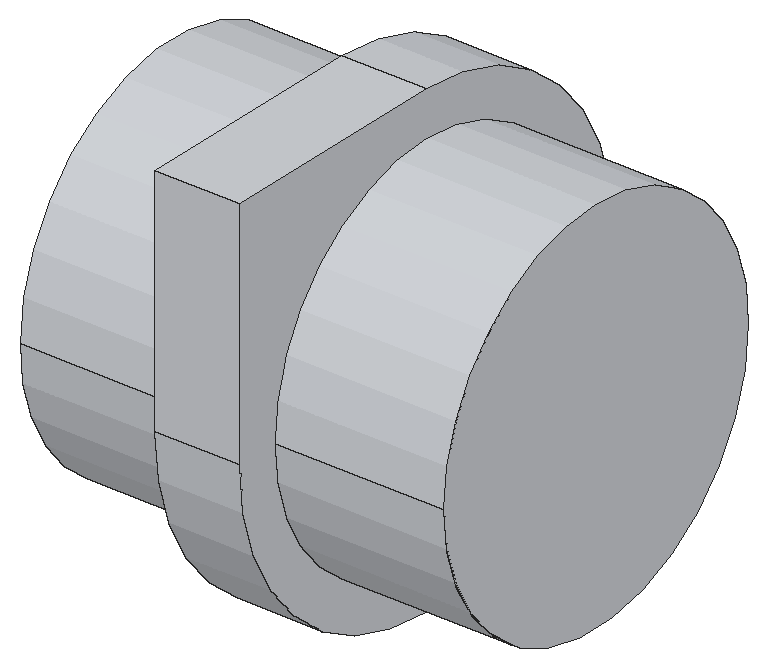
Revit family "União - Soldada - CU", category Conexões de tubo, Revit 2019
Family settings
  Cota do conector redondo = Usar raio
  Tipo de parte = União
  Com base no plano de trabalho = Não
  Sempre na vertical = Sim
  Corte com vazios quando carregada = Não
  Compartilhado = Não
Parameters (values of type "Padrão")
  Espessura da parede [instance] = size_lookup(Nome da tabela de pesquisa, "WThk", 0.01 * Diâmetro nominal + 0.4 mm, Diâmetro nominal)  # 1.15 mm
  Tamanho da marca de revisão [instance] = Diâmetro externo do soquete * 0.4  # 27.32 mm
  Raio externo do soquete [instance] = Diâmetro externo do soquete / 2  # 34.15 mm
  Diâmetro externo do soquete [instance] = Diâmetro nominal + 2 * Espessura da parede  # 68.3 mm
  Raio nominal [instance] = 33 mm
  Diâmetro nominal [instance] = Raio nominal * 2  # 66 mm
  Método de perda = Coeficiente K da tabela
  Nome da tabela de pesquisa = "BR_Union - Soldered - CU"
  Comprimento 2 [instance] = Comprimento / 10  # 7.6 mm
  Comprimento 1 [instance] = size_lookup(Nome da tabela de pesquisa, "Lgt1", 0.59 * Diâmetro nominal + 2.8 mm, Diâmetro nominal)  # 42 mm
  Comprimento [instance] = size_lookup(Nome da tabela de pesquisa, "Lgt", 0.068 * Diâmetro nominal + 29 mm, Diâmetro nominal)  # 76 mm
  Tabela de coeficiente K = "Redutor/Acoplamento/União/Redutor"
Reference planes
  plane 1 "Centro (frente/trás)": y = 0
  plane 2: z = 0
  plane 3 "Centro (direita/esquerda)": x = 0
  plane 4: x = -38
  plane 5: x = 38
  plane 6: y = 34.15
  plane 7: y = -34.15
  plane 8: y = 27.32
  plane 9: y = -27.32
  plane 10: x = -7.6
  plane 11: x = 7.6
  plane 12: y = 42
  plane 13: y = -42
  plane 14: z = 42
  plane 15: z = -42
Forms (mm)
  Sweep 1, solid, detail levels fine
    path in 3D
      loop
        line (-38, 0, 0) -> (38, 0, 0)
    profile origin (0, 0, 0) x (0, 1, 0) y (0, 0, 1)
      loop
        circle (0, 0) r 34.15
  Extrusion 2, solid, detail levels fine
    sketch origin (0, 0, 0) x (0, 1, 0) y (0, 0, 1)
      loop
        line (0, 42) -> (-42, 42) -> (-42, 0)
        arc (-42, 0) -> (-29.698, -29.698) -> (0, -42) r 42
        line (0, -42) -> (42, -42) -> (42, 0)
        arc (42, 0) -> (29.698, 29.698) -> (0, 42) r 42
    from -7.6 to 7.6
Cuts and joins
  joined: Sweep 1, Extrusion 2
Lines and regions (mm)
  model lines, detail levels coarse+medium
    curve 1: line (-38, 0, 0) -> (38, 0, 0)
    curve 3: line (-38, 27.32, 0) -> (-38, -27.32, 0)
    curve 4: line (38, 27.32, 0) -> (38, -27.32, 0)
  sketch lines
    curve 2: line (-38, 0, 0) -> (38, 0, 0)
Dimensions and locks
  equal spacing: plane 4, plane 3 "Centro (direita/esquerda)", plane 5
  "Comprimento": plane 4 to plane 5
  equal spacing: plane 6, plane 1 "Centro (frente/trás)", plane 7
  "Diâmetro externo do soquete": plane 6 to plane 7
  "Tamanho da marca de revisão": plane 8 to plane 1 "Centro (frente/trás)"
  equal spacing: plane 8, plane 1 "Centro (frente/trás)", plane 9
  equal spacing: plane 10, plane 3 "Centro (direita/esquerda)", plane 11
  "Comprimento 2": plane 10 to plane 3 "Centro (direita/esquerda)"
  equal spacing: plane 13, plane 1 "Centro (frente/trás)", plane 12
  "Comprimento 1": plane 1 "Centro (frente/trás)" to plane 12
  equal spacing: plane 14, plane 2, plane 15
  "Comprimento 1": plane 14 to plane 2
  "Raio externo do soquete": radius of Sweep 1 sketch curve
  aligned and locked: plane 4 to curve 1
  aligned and locked: plane 1 "Centro (frente/trás)" to curve 1
  aligned and locked: plane 8 to curve 3
  aligned and locked: curve 3 to plane 9
  aligned and locked: curve 3 to plane 4
  aligned and locked: plane 8 to curve 4
  aligned and locked: plane 9 to curve 4
  aligned and locked: curve 4 to plane 5
  aligned and locked: plane 1 "Centro (frente/trás)" to Extrusion 2 sketch curve  (x2)
  aligned and locked: plane 2 to Extrusion 2 sketch curve  (x2)
  aligned and locked: plane 14 to Extrusion 2 sketch curve
  aligned and locked: plane 13 to Extrusion 2 sketch curve
  aligned and locked: plane 15 to Extrusion 2 sketch curve
  aligned and locked: plane 12 to Extrusion 2 sketch curve
  aligned and locked: Extrusion 2 to plane 10
  aligned and locked: Extrusion 2 to plane 11
Automatic sketch dimensions
  Sweep 1 sketch curve to profile plane = 0 mm  (x2)
Connectors
  piping at (-38, 0, 0), diameter 66, driven by "Raio nominal"
    settings: on Sweep 1, index 1, connector inside diameter 66 mm, connector length 0 mm, flow factor 0, pipe flow 0.0 L/s, pressure drop 0.0 Pa, fitting loss kfactor 0, connector angle 0.00°, fixture units 0, engagement length 0 mm, angle of deflection 0.00°, flow configuration 0, flow direction 0, fitting loss method 0, system type 28, joint type 0, gender type 0, connector reference index 2, connector utility 0, adjustable connector no, is connector primary yes, connector description ""
  piping at (38, 0, 0), diameter 66, driven by "Raio nominal"
    settings: on Sweep 1, index 2, connector inside diameter 66 mm, connector length 0 mm, flow factor 0, pipe flow 0.0 L/s, pressure drop 0.0 Pa, fitting loss kfactor 0, connector angle 0.00°, fixture units 0, engagement length 0 mm, angle of deflection 0.00°, flow configuration 0, flow direction 0, fitting loss method 0, system type 28, joint type 0, gender type 0, connector reference index 1, connector utility 0, adjustable connector no, is connector primary no, connector description ""
